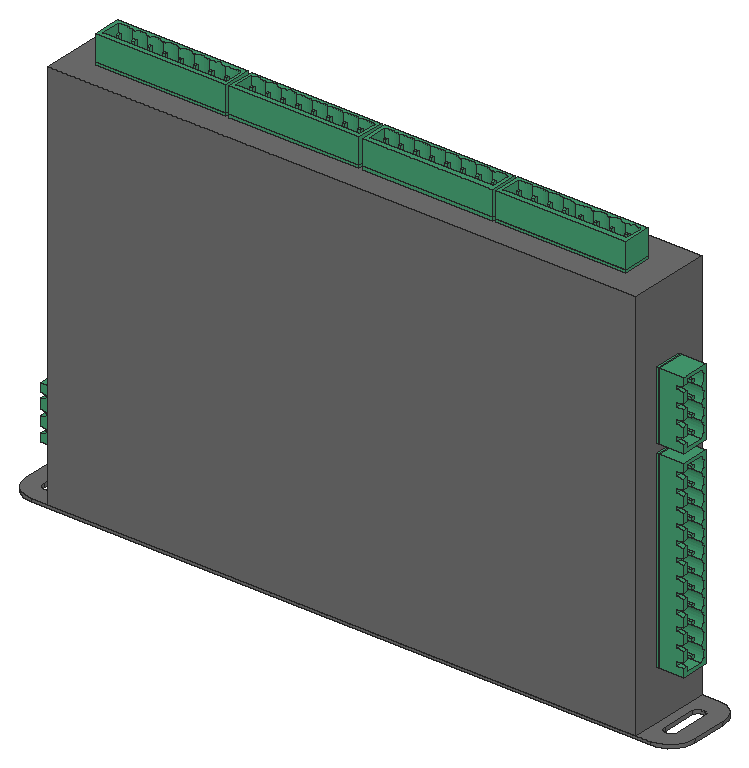
Revit family "Б411_RV17_LOD400 (05.11.23)", category Электрооборудование, Revit 2017
Family settings
  Конфигурация панели = Два столбца, слева направо
  Размер круглого соединителя = Использовать диаметр
  Тип детали = Щит
  На основе рабочей плоскости = Да
  Всегда вертикально = Нет
  При загрузке вырезать с полостями = Нет
  Общий = Нет
  Точка расчета площади = Нет
Parameters (values of type "Б411")
  Стандарт интерфейса связи = "10 Base-T Ethernet (гнездо RJ-45)\r\n10 Base-T Ethernet (гнездо RJ-45)\r\n10 Base-T Ethernet (гнездо RJ-45)\r\n10 Base-T Ethernet (гнездо RJ-45)"
  Смещение_УГО_Y [instance] = 0 mm
  Смещение_УГО_X [instance] = 0 mm
  Раздел проекта [instance] = ""
  Раздел Спецификации [instance] = ""
  Предельное значение сопротивления проводов ШС, кОм = 0.1
  Default Elevation = 1219.2 mm
  Напряжение = "12"
  Максимальный потребляемый контроллером ток от сети постоянного тока (без дополнительных внешних потребителей), А = 0.1 A
  Максимальное удаление считывающих устройств от контролера, не более, м = 100 mm
  Максимальное количество ключей (пропусков) ОПC, шт. = 16
  Максимальное количество извещателей ОС на 1 шлейф сигнализации, не более, шт. = 20
  Количество реле, шт = 4
  Количество подключаемых считывающих устройств, не более, шт. = 2
  Количество подключаемых исполнительных устройств, шт. = 4
  Информационная ёмкость (количество ШС) = 16
  Информативность (количество типов извещений) = 8
  Интерфейс считывателей = "Wiegand 26, Wiegand 40/42, Wiegand 34"
  Интерфейс для подключения внешних устройств = "RS-485"
  Длина кода ключа (пропуска), символов = "1-10"
  Диапазон рабочих температур, °С = "от \r\n-40 до +50"
  В_Смещение_УГО_Y [instance] = Смещение_УГО_Y + 2000 mm  # 2000 mm
  В_Смещение_УГО_X [instance] = Смещение_УГО_X + 2000 mm  # 2000 mm
  d_короба = 20 mm
  ADSK_Размер_Длина = 216 mm
  ADSK_Размер_Глубина = 128 mm
  ADSK_Размер_Высота = 27 mm
  ADSK_Примечание = ""
  ADSK_Наименование = "Контроллер Б411 \r\nТелефон: +7 (8652) 504-504\r\nКонтроллер Б411 \r\nТелефон: +7 (8652) 504-504"
  ADSK_Масса = 0.9
  ADSK_Марка = "СТВФ.426469.102"
  ADSK_Количество = 1
  ADSK_Завод-изготовитель = "ООО «Основа Безопасности»"  # constant formula
  ADSK_Единица измерения = "шт."  # constant formula
  ADSK_URL страницы изделия = "https://stilsoft.ru/products/b411"
  ADSK_URL документации изделия = ""
Reference planes
  plane 1 "По центру (Вперед/Назад)": y = 0
  plane 2: z = 0
  plane 3 "По центру (Влево/Вправо)": x = 0
  plane 4: y = 2000
  plane 5: x = -2000
  plane 6: x = 0
  plane 7: y = 0
  plane 8: x = 108
  plane 9: x = -108
  plane 10 "3": x = 95
  plane 11 "1": x = -95
Forms (mm)
  Extrusion 1, solid, material "корпус", detail levels medium+fine
    sketch origin (0, 13.5, 0) x (0, -1, 0) y (1, 0, 0)
      loop
        line (27, -95) -> (27, 95) -> (0, 95) -> (0, -95) -> (27, -95)
    from 1 to 128
  Extrusion 2, solid, material "корпус", detail levels medium+fine
    sketch origin (0, 13.5, 0) x (0, -1, 0) y (1, 0, 0)
      loop
        line (27, -100.041) -> (27, 100.041)
        arc (27, 100.041) -> (24.669, 105.669) -> (19.041, 108) r 7.959
        line (19.041, 108) -> (7.959, 108)
        arc (7.959, 108) -> (2.331, 105.669) -> (0, 100.041) r 7.959
        line (0, 100.041) -> (0, -100.041)
        arc (0, -100.041) -> (2.331, -105.669) -> (7.959, -108) r 7.959
        line (7.959, -108) -> (19.041, -108)
        arc (19.041, -108) -> (24.669, -105.669) -> (27, -100.041) r 7.959
      loop
        line (8.322, 98.426) -> (19.322, 98.426)
        arc (19.322, 98.426) -> (21.337, 100.44) -> (19.322, 102.455) r 2.015
        line (19.322, 102.455) -> (8.322, 102.455)
        arc (8.322, 102.455) -> (6.307, 100.44) -> (8.322, 98.426) r 2.015
      loop
        arc (8.322, -98.426) -> (6.307, -100.44) -> (8.322, -102.455) r 2.015
        line (8.322, -102.455) -> (19.322, -102.455)
        arc (19.322, -102.455) -> (21.337, -100.44) -> (19.322, -98.426) r 2.015
        line (19.322, -98.426) -> (8.322, -98.426)
    from 1 to 0
  Extrusion 3, solid, detail levels medium+fine
    sketch origin (-95, 13.5, 0) x (0, 0, -1) y (0, -1, 0)
      loop
        line (-35, 7.959) -> (-35, 21.959) -> (-51, 21.959) -> (-51, 7.959) -> (-35, 7.959)
    from 0 to 2.7
  Extrusion 4, solid, detail levels medium+fine
    sketch origin (-95, 13.5, 0) x (0, 0, -1) y (0, -1, 0)
      loop
        line (-54, 7.959) -> (-54, 21.959) -> (-70, 21.959) -> (-70, 7.959) -> (-54, 7.959)
    from 0 to 2.7
  Extrusion 5, void, detail levels medium+fine
    sketch origin (-95, 13.5, 0) x (0, 0, -1) y (0, -1, 0)
      loop
        line (-68.013, 20.208) -> (-68.013, 12.801) -> (-66.037, 12.801) -> (-66.037, 11.399) -> (-64.5, 11.399) -> (-64.5, 8.876) -> (-59.5, 8.876) -> (-59.5, 11.399) -> (-57.963, 11.399) -> (-57.963, 12.801) -> (-55.987, 12.801) -> (-55.987, 20.208) -> (-68.013, 20.208)
    from 2.7 to -7
  Extrusion 6, void, detail levels medium+fine
    sketch origin (-95, 13.5, 0) x (0, 0, -1) y (0, -1, 0)
      loop
        line (-49.013, 20.208) -> (-49.013, 12.801) -> (-47.037, 12.801) -> (-47.037, 11.399) -> (-45.5, 11.399) -> (-45.5, 8.876) -> (-40.5, 8.876) -> (-40.5, 11.399) -> (-38.963, 11.399) -> (-38.963, 12.801) -> (-36.987, 12.801) -> (-36.987, 20.208) -> (-49.013, 20.208)
    from 2.7 to -7
  Extrusion 7, void, detail levels medium+fine
    sketch origin (-95, 17.962, 24.39) x (0, 0, -1) y (0, -1, 0)
      loop
        line (-55.348, 14.248) -> (-55.348, 21.654) -> (-57.324, 21.654) -> (-57.324, 23.057) -> (-58.862, 23.057) -> (-58.862, 25.58) -> (-63.862, 25.58) -> (-63.862, 23.057) -> (-65.399, 23.057) -> (-65.399, 21.654) -> (-67.375, 21.654) -> (-67.375, 14.248) -> (-55.348, 14.248)
    from 0 to -10
  Extrusion 8, void
    sketch origin (-95, 13.5, 0) x (0, 0, -1) y (0, -1, 0)
      loop
        line (-93.751, 21.959) -> (-93.751, 7.959) -> (-77.751, 7.959) -> (-77.751, 21.959) -> (-93.751, 21.959)
    from 0 to -1
  Extrusion 9, solid, detail levels medium+fine
    sketch origin (-95, 13.5, 0) x (0, 0, -1) y (0, -1, 0)
      loop
        circle (-104.123, 15.093) r 8.528
    from 0 to 1
  Blend 10, solid, detail levels medium+fine
    base sketch origin (-95, 13.5, 0) x (0, 0, -1) y (0, -1, 0)
      loop
        circle (-104.062, 15.093) r 8.468
    top sketch origin (-95, 13.5, 0) x (0, 0, -1) y (0, -1, 0)
      loop
        circle (-104.062, 15.093) r 4.476
    from 1 to 2
  Extrusion 11, solid, material "соединения", detail levels medium+fine
    sketch origin (-95, 13.734, 0.309) x (0, 0, -1) y (0, -1, 0)
      loop
        line (-29.234, 9.848) -> (-12.234, 9.848) -> (-12.234, 18.848) -> (-29.234, 18.848) -> (-29.234, 9.848)
    from 0 to 1
  Extrusion 12, solid, material "соединения", detail levels medium+fine
    sketch origin (-95, 13.734, 0.309) x (0, 0, -1) y (0, -1, 0)
      loop
        line (-29.234, 9.848) -> (-12.234, 9.848) -> (-12.234, 11.801) -> (-12.234, 18.848) -> (-29.234, 18.848) -> (-29.234, 9.848)
      loop
        line (-13.248, 11.367) -> (-13.248, 17.258) -> (-27.64, 17.258) -> (-27.64, 11.073)
        arc (-27.64, 11.073) -> (-25.336, 10.581) -> (-23.081, 11.267) r 4.715
        arc (-23.081, 11.267) -> (-20.633, 10.632) -> (-18.204, 11.339) r 4.77
        arc (-18.204, 11.339) -> (-15.722, 10.661) -> (-13.248, 11.367) r 4.778
    from 1 to 9
  Blend 13, void
    base sketch origin (-95, 13.734, 5.309) x (0, 0, -1) y (0, -1, 0)
      loop
        line (-16.72, 18.848) -> (-16.72, 17.258) -> (-14.723, 17.258) -> (-14.723, 18.848) -> (-16.72, 18.848)
    top sketch origin (-95, 13.734, 5.309) x (0, 0, -1) y (0, -1, 0)
      loop
        line (-16.213, 18.848) -> (-16.213, 17.258) -> (-15.166, 17.258) -> (-15.166, 18.848) -> (-16.213, 18.848)
    from 9 to 7
  Blend 14, void
    base sketch origin (-95, 13.734, 10.309) x (0, 0, -1) y (0, -1, 0)
      loop
        line (-16.72, 18.848) -> (-16.72, 17.258) -> (-14.723, 17.258) -> (-14.723, 18.848) -> (-16.72, 18.848)
    top sketch origin (-95, 13.734, 10.309) x (0, 0, -1) y (0, -1, 0)
      loop
        line (-16.213, 18.848) -> (-16.213, 17.258) -> (-15.166, 17.258) -> (-15.166, 18.848) -> (-16.213, 18.848)
    from 9 to 7
  Blend 15, void
    base sketch origin (-95, 13.734, 0.309) x (0, 0, -1) y (0, -1, 0)
      loop
        line (-16.72, 18.848) -> (-16.72, 17.258) -> (-14.723, 17.258) -> (-14.723, 18.848) -> (-16.72, 18.848)
    top sketch origin (-95, 13.734, 0.309) x (0, 0, -1) y (0, -1, 0)
      loop
        line (-16.213, 18.848) -> (-16.213, 17.258) -> (-15.166, 17.258) -> (-15.166, 18.848) -> (-16.213, 18.848)
    from 9 to 7
  Blend 16, solid, material "соединения", detail levels medium+fine
    base sketch origin (-95, 13.734, 0.309) x (0, 0, -1) y (0, -1, 0)
      loop
        circle (-25.763, 13.973) r 1.379
    top sketch origin (-95, 13.734, 0.309) x (0, 0, -1) y (0, -1, 0)
      loop
        circle (-25.763, 13.973) r 0.948
    from 1 to 3
  Blend 17, solid, material "соединения", detail levels medium+fine
    base sketch origin (-95, 13.734, -4.691) x (0, 0, -1) y (0, -1, 0)
      loop
        circle (-25.763, 13.973) r 1.379
    top sketch origin (-95, 13.734, -4.691) x (0, 0, -1) y (0, -1, 0)
      loop
        circle (-25.763, 13.973) r 0.948
    from 1 to 3
  Blend 18, solid, material "соединения", detail levels medium+fine
    base sketch origin (-95, 13.734, -9.691) x (0, 0, -1) y (0, -1, 0)
      loop
        circle (-25.763, 13.973) r 1.379
    top sketch origin (-95, 13.734, -9.691) x (0, 0, -1) y (0, -1, 0)
      loop
        circle (-25.763, 13.973) r 0.948
    from 1 to 3
  Blend 19, solid, material "соединения", detail levels medium+fine
    base sketch origin (-95, 13.734, 0.309) x (0, 0, -1) y (0, -1, 0)
      loop
        line (-26.215, 14.422) -> (-26.215, 13.499) -> (-25.289, 13.499) -> (-25.289, 14.422) -> (-26.215, 14.422)
    top sketch origin (-95, 13.734, 0.309) x (0, 0, -1) y (0, -1, 0)
      loop
        line (-26.145, 14.337) -> (-26.145, 13.551) -> (-25.343, 13.551) -> (-25.343, 14.337) -> (-26.145, 14.337)
    from 3 to 8
  Blend 20, solid, material "соединения", detail levels medium+fine
    base sketch origin (-95, 13.734, -4.691) x (0, 0, -1) y (0, -1, 0)
      loop
        line (-26.215, 14.422) -> (-26.215, 13.499) -> (-25.289, 13.499) -> (-25.289, 14.422) -> (-26.215, 14.422)
    top sketch origin (-95, 13.734, -4.691) x (0, 0, -1) y (0, -1, 0)
      loop
        line (-26.145, 14.337) -> (-26.145, 13.551) -> (-25.343, 13.551) -> (-25.343, 14.337) -> (-26.145, 14.337)
    from 3 to 8
  Blend 21, solid, material "соединения", detail levels medium+fine
    base sketch origin (-95, 13.734, -9.691) x (0, 0, -1) y (0, -1, 0)
      loop
        line (-26.215, 14.422) -> (-26.215, 13.499) -> (-25.289, 13.499) -> (-25.289, 14.422) -> (-26.215, 14.422)
    top sketch origin (-95, 13.734, -9.691) x (0, 0, -1) y (0, -1, 0)
      loop
        line (-26.145, 14.337) -> (-26.145, 13.551) -> (-25.343, 13.551) -> (-25.343, 14.337) -> (-26.145, 14.337)
    from 3 to 8
  Extrusion 22, solid, material "соединения", detail levels medium+fine
    sketch origin (-2.578, 13.5, 128) x (-1, 0, 0) y (0, -1, 0)
      loop
        line (41.333, 9.881) -> (83.333, 9.881) -> (83.333, 18.881) -> (41.333, 18.881) -> (41.333, 9.881)
    from 0 to 1
  Extrusion 23, solid, material "соединения", detail levels medium+fine
    sketch origin (-2.578, 13.5, 128) x (-1, 0, 0) y (0, -1, 0)
      loop
        line (41.333, 9.881) -> (83.333, 9.881) -> (83.333, 11.835) -> (83.333, 18.881) -> (41.333, 18.881) -> (41.333, 9.881)
      loop
        line (82.303, 11.428) -> (82.303, 17.292) -> (42.303, 17.292) -> (42.303, 11.428)
        arc (42.303, 11.428) -> (44.803, 10.722) -> (47.303, 11.428) r 4.778
        arc (47.303, 11.428) -> (49.803, 10.722) -> (52.303, 11.428) r 4.778
        arc (52.303, 11.428) -> (54.803, 10.722) -> (57.303, 11.428) r 4.778
        arc (57.303, 11.428) -> (59.803, 10.722) -> (62.303, 11.428) r 4.778
        arc (62.303, 11.428) -> (64.803, 10.722) -> (67.303, 11.428) r 4.778
        arc (67.303, 11.428) -> (69.803, 10.722) -> (72.303, 11.428) r 4.778
        arc (72.303, 11.428) -> (74.803, 10.722) -> (77.303, 11.428) r 4.778
        arc (77.303, 11.428) -> (79.803, 10.722) -> (82.303, 11.428) r 4.778
    from 1 to 9
  Blend 24, solid, material "соединения", detail levels medium+fine
    base sketch origin (-2.578, 13.5, 128) x (-1, 0, 0) y (0, -1, 0)
      loop
        circle (69.803, 14.007) r 1.379
    top sketch origin (-2.578, 13.5, 128) x (-1, 0, 0) y (0, -1, 0)
      loop
        circle (69.803, 14.007) r 0.948
    from 1 to 3
  Blend 25, solid, material "соединения", detail levels medium+fine
    base sketch origin (-2.578, 13.5, 128) x (-1, 0, 0) y (0, -1, 0)
      loop
        circle (74.803, 14.007) r 1.379
    top sketch origin (-2.578, 13.5, 128) x (-1, 0, 0) y (0, -1, 0)
      loop
        circle (74.803, 14.007) r 0.948
    from 1 to 3
  Blend 26, solid, material "соединения", detail levels medium+fine
    base sketch origin (-2.578, 13.5, 128) x (-1, 0, 0) y (0, -1, 0)
      loop
        circle (79.803, 14.007) r 1.379
    top sketch origin (-2.578, 13.5, 128) x (-1, 0, 0) y (0, -1, 0)
      loop
        circle (79.803, 14.007) r 0.948
    from 1 to 3
  Blend 27, solid, material "соединения", detail levels medium+fine
    base sketch origin (-2.578, 13.5, 128) x (-1, 0, 0) y (0, -1, 0)
      loop
        line (69.351, 14.455) -> (69.351, 13.533) -> (70.277, 13.533) -> (70.277, 14.455) -> (69.351, 14.455)
    top sketch origin (-2.578, 13.5, 128) x (-1, 0, 0) y (0, -1, 0)
      loop
        line (69.422, 14.371) -> (69.422, 13.585) -> (70.224, 13.585) -> (70.224, 14.371) -> (69.422, 14.371)
    from 3 to 8
  Blend 28, solid, material "соединения", detail levels medium+fine
    base sketch origin (-2.578, 13.5, 128) x (-1, 0, 0) y (0, -1, 0)
      loop
        line (74.351, 14.455) -> (74.351, 13.533) -> (75.277, 13.533) -> (75.277, 14.455) -> (74.351, 14.455)
    top sketch origin (-2.578, 13.5, 128) x (-1, 0, 0) y (0, -1, 0)
      loop
        line (74.422, 14.371) -> (74.422, 13.585) -> (75.224, 13.585) -> (75.224, 14.371) -> (74.422, 14.371)
    from 3 to 8
  Blend 29, solid, material "соединения", detail levels medium+fine
    base sketch origin (-2.578, 13.5, 128) x (-1, 0, 0) y (0, -1, 0)
      loop
        line (79.351, 14.455) -> (79.351, 13.533) -> (80.277, 13.533) -> (80.277, 14.455) -> (79.351, 14.455)
    top sketch origin (-2.578, 13.5, 128) x (-1, 0, 0) y (0, -1, 0)
      loop
        line (79.422, 14.371) -> (79.422, 13.585) -> (80.224, 13.585) -> (80.224, 14.371) -> (79.422, 14.371)
    from 3 to 8
  Blend 30, solid, material "соединения", detail levels medium+fine
    base sketch origin (2.422, 13.5, 128) x (-1, 0, 0) y (0, -1, 0)
      loop
        circle (69.803, 14.007) r 1.379
    top sketch origin (2.422, 13.5, 128) x (-1, 0, 0) y (0, -1, 0)
      loop
        circle (69.803, 14.007) r 0.948
    from 1 to 3
  Blend 31, solid, material "соединения", detail levels medium+fine
    base sketch origin (2.422, 13.5, 128) x (-1, 0, 0) y (0, -1, 0)
      loop
        line (69.351, 14.455) -> (69.351, 13.533) -> (70.277, 13.533) -> (70.277, 14.455) -> (69.351, 14.455)
    top sketch origin (2.422, 13.5, 128) x (-1, 0, 0) y (0, -1, 0)
      loop
        line (69.422, 14.371) -> (69.422, 13.585) -> (70.224, 13.585) -> (70.224, 14.371) -> (69.422, 14.371)
    from 3 to 8
  Blend 32, solid, material "соединения", detail levels medium+fine
    base sketch origin (17.422, 13.5, 128) x (-1, 0, 0) y (0, -1, 0)
      loop
        circle (69.803, 14.007) r 1.379
    top sketch origin (17.422, 13.5, 128) x (-1, 0, 0) y (0, -1, 0)
      loop
        circle (69.803, 14.007) r 0.948
    from 1 to 3
  Blend 33, solid, material "соединения", detail levels medium+fine
    base sketch origin (17.422, 13.5, 128) x (-1, 0, 0) y (0, -1, 0)
      loop
        circle (74.803, 14.007) r 1.379
    top sketch origin (17.422, 13.5, 128) x (-1, 0, 0) y (0, -1, 0)
      loop
        circle (74.803, 14.007) r 0.948
    from 1 to 3
  Blend 34, solid, material "соединения", detail levels medium+fine
    base sketch origin (17.422, 13.5, 128) x (-1, 0, 0) y (0, -1, 0)
      loop
        circle (79.803, 14.007) r 1.379
    top sketch origin (17.422, 13.5, 128) x (-1, 0, 0) y (0, -1, 0)
      loop
        circle (79.803, 14.007) r 0.948
    from 1 to 3
  Blend 35, solid, material "соединения", detail levels medium+fine
    base sketch origin (17.422, 13.5, 128) x (-1, 0, 0) y (0, -1, 0)
      loop
        line (69.351, 14.455) -> (69.351, 13.533) -> (70.277, 13.533) -> (70.277, 14.455) -> (69.351, 14.455)
    top sketch origin (17.422, 13.5, 128) x (-1, 0, 0) y (0, -1, 0)
      loop
        line (69.422, 14.371) -> (69.422, 13.585) -> (70.224, 13.585) -> (70.224, 14.371) -> (69.422, 14.371)
    from 3 to 8
  Blend 36, solid, material "соединения", detail levels medium+fine
    base sketch origin (17.422, 13.5, 128) x (-1, 0, 0) y (0, -1, 0)
      loop
        line (74.351, 14.455) -> (74.351, 13.533) -> (75.277, 13.533) -> (75.277, 14.455) -> (74.351, 14.455)
    top sketch origin (17.422, 13.5, 128) x (-1, 0, 0) y (0, -1, 0)
      loop
        line (74.422, 14.371) -> (74.422, 13.585) -> (75.224, 13.585) -> (75.224, 14.371) -> (74.422, 14.371)
    from 3 to 8
  Blend 37, solid, material "соединения", detail levels medium+fine
    base sketch origin (17.422, 13.5, 128) x (-1, 0, 0) y (0, -1, 0)
      loop
        line (79.351, 14.455) -> (79.351, 13.533) -> (80.277, 13.533) -> (80.277, 14.455) -> (79.351, 14.455)
    top sketch origin (17.422, 13.5, 128) x (-1, 0, 0) y (0, -1, 0)
      loop
        line (79.422, 14.371) -> (79.422, 13.585) -> (80.224, 13.585) -> (80.224, 14.371) -> (79.422, 14.371)
    from 3 to 8
  Blend 38, solid, material "соединения", detail levels medium+fine
    base sketch origin (22.422, 13.5, 128) x (-1, 0, 0) y (0, -1, 0)
      loop
        circle (69.803, 14.007) r 1.379
    top sketch origin (22.422, 13.5, 128) x (-1, 0, 0) y (0, -1, 0)
      loop
        circle (69.803, 14.007) r 0.948
    from 1 to 3
  Blend 39, solid, material "соединения", detail levels medium+fine
    base sketch origin (22.422, 13.5, 128) x (-1, 0, 0) y (0, -1, 0)
      loop
        line (69.351, 14.455) -> (69.351, 13.533) -> (70.277, 13.533) -> (70.277, 14.455) -> (69.351, 14.455)
    top sketch origin (22.422, 13.5, 128) x (-1, 0, 0) y (0, -1, 0)
      loop
        line (69.422, 14.371) -> (69.422, 13.585) -> (70.224, 13.585) -> (70.224, 14.371) -> (69.422, 14.371)
    from 3 to 8
  Extrusion 40, solid, material "соединения", detail levels medium+fine
    sketch origin (40.547, 13.5, 128) x (-1, 0, 0) y (0, -1, 0)
      loop
        line (41.333, 9.881) -> (83.333, 9.881) -> (83.333, 18.881) -> (41.333, 18.881) -> (41.333, 9.881)
    from 0 to 1
  Extrusion 41, solid, material "соединения", detail levels medium+fine
    sketch origin (40.547, 13.5, 128) x (-1, 0, 0) y (0, -1, 0)
      loop
        line (41.333, 9.881) -> (83.333, 9.881) -> (83.333, 11.835) -> (83.333, 18.881) -> (41.333, 18.881) -> (41.333, 9.881)
      loop
        line (82.303, 11.428) -> (82.303, 17.292) -> (42.303, 17.292) -> (42.303, 11.428)
        arc (42.303, 11.428) -> (44.803, 10.722) -> (47.303, 11.428) r 4.778
        arc (47.303, 11.428) -> (49.803, 10.722) -> (52.303, 11.428) r 4.778
        arc (52.303, 11.428) -> (54.803, 10.722) -> (57.303, 11.428) r 4.778
        arc (57.303, 11.428) -> (59.803, 10.722) -> (62.303, 11.428) r 4.778
        arc (62.303, 11.428) -> (64.803, 10.722) -> (67.303, 11.428) r 4.778
        arc (67.303, 11.428) -> (69.803, 10.722) -> (72.303, 11.428) r 4.778
        arc (72.303, 11.428) -> (74.803, 10.722) -> (77.303, 11.428) r 4.778
        arc (77.303, 11.428) -> (79.803, 10.722) -> (82.303, 11.428) r 4.778
    from 1 to 9
  Blend 42, solid, material "соединения", detail levels medium+fine
    base sketch origin (40.547, 13.5, 128) x (-1, 0, 0) y (0, -1, 0)
      loop
        circle (69.803, 14.007) r 1.379
    top sketch origin (40.547, 13.5, 128) x (-1, 0, 0) y (0, -1, 0)
      loop
        circle (69.803, 14.007) r 0.948
    from 1 to 3
  Blend 43, solid, material "соединения", detail levels medium+fine
    base sketch origin (40.547, 13.5, 128) x (-1, 0, 0) y (0, -1, 0)
      loop
        circle (74.803, 14.007) r 1.379
    top sketch origin (40.547, 13.5, 128) x (-1, 0, 0) y (0, -1, 0)
      loop
        circle (74.803, 14.007) r 0.948
    from 1 to 3
  Blend 44, solid, material "соединения", detail levels medium+fine
    base sketch origin (40.547, 13.5, 128) x (-1, 0, 0) y (0, -1, 0)
      loop
        circle (79.803, 14.007) r 1.379
    top sketch origin (40.547, 13.5, 128) x (-1, 0, 0) y (0, -1, 0)
      loop
        circle (79.803, 14.007) r 0.948
    from 1 to 3
  Blend 45, solid, material "соединения", detail levels medium+fine
    base sketch origin (40.547, 13.5, 128) x (-1, 0, 0) y (0, -1, 0)
      loop
        line (69.351, 14.455) -> (69.351, 13.533) -> (70.277, 13.533) -> (70.277, 14.455) -> (69.351, 14.455)
    top sketch origin (40.547, 13.5, 128) x (-1, 0, 0) y (0, -1, 0)
      loop
        line (69.422, 14.371) -> (69.422, 13.585) -> (70.224, 13.585) -> (70.224, 14.371) -> (69.422, 14.371)
    from 3 to 8
  Blend 46, solid, material "соединения", detail levels medium+fine
    base sketch origin (40.547, 13.5, 128) x (-1, 0, 0) y (0, -1, 0)
      loop
        line (74.351, 14.455) -> (74.351, 13.533) -> (75.277, 13.533) -> (75.277, 14.455) -> (74.351, 14.455)
    top sketch origin (40.547, 13.5, 128) x (-1, 0, 0) y (0, -1, 0)
      loop
        line (74.422, 14.371) -> (74.422, 13.585) -> (75.224, 13.585) -> (75.224, 14.371) -> (74.422, 14.371)
    from 3 to 8
  Blend 47, solid, material "соединения", detail levels medium+fine
    base sketch origin (40.547, 13.5, 128) x (-1, 0, 0) y (0, -1, 0)
      loop
        line (79.351, 14.455) -> (79.351, 13.533) -> (80.277, 13.533) -> (80.277, 14.455) -> (79.351, 14.455)
    top sketch origin (40.547, 13.5, 128) x (-1, 0, 0) y (0, -1, 0)
      loop
        line (79.422, 14.371) -> (79.422, 13.585) -> (80.224, 13.585) -> (80.224, 14.371) -> (79.422, 14.371)
    from 3 to 8
  Blend 48, solid, material "соединения", detail levels medium+fine
    base sketch origin (45.547, 13.5, 128) x (-1, 0, 0) y (0, -1, 0)
      loop
        circle (69.803, 14.007) r 1.379
    top sketch origin (45.547, 13.5, 128) x (-1, 0, 0) y (0, -1, 0)
      loop
        circle (69.803, 14.007) r 0.948
    from 1 to 3
  Blend 49, solid, material "соединения", detail levels medium+fine
    base sketch origin (45.547, 13.5, 128) x (-1, 0, 0) y (0, -1, 0)
      loop
        line (69.351, 14.455) -> (69.351, 13.533) -> (70.277, 13.533) -> (70.277, 14.455) -> (69.351, 14.455)
    top sketch origin (45.547, 13.5, 128) x (-1, 0, 0) y (0, -1, 0)
      loop
        line (69.422, 14.371) -> (69.422, 13.585) -> (70.224, 13.585) -> (70.224, 14.371) -> (69.422, 14.371)
    from 3 to 8
  Blend 50, solid, material "соединения", detail levels medium+fine
    base sketch origin (60.547, 13.5, 128) x (-1, 0, 0) y (0, -1, 0)
      loop
        circle (69.803, 14.007) r 1.379
    top sketch origin (60.547, 13.5, 128) x (-1, 0, 0) y (0, -1, 0)
      loop
        circle (69.803, 14.007) r 0.948
    from 1 to 3
  Blend 51, solid, material "соединения", detail levels medium+fine
    base sketch origin (60.547, 13.5, 128) x (-1, 0, 0) y (0, -1, 0)
      loop
        circle (74.803, 14.007) r 1.379
    top sketch origin (60.547, 13.5, 128) x (-1, 0, 0) y (0, -1, 0)
      loop
        circle (74.803, 14.007) r 0.948
    from 1 to 3
  Blend 52, solid, material "соединения", detail levels medium+fine
    base sketch origin (60.547, 13.5, 128) x (-1, 0, 0) y (0, -1, 0)
      loop
        circle (79.803, 14.007) r 1.379
    top sketch origin (60.547, 13.5, 128) x (-1, 0, 0) y (0, -1, 0)
      loop
        circle (79.803, 14.007) r 0.948
    from 1 to 3
  Blend 53, solid, material "соединения", detail levels medium+fine
    base sketch origin (60.547, 13.5, 128) x (-1, 0, 0) y (0, -1, 0)
      loop
        line (69.351, 14.455) -> (69.351, 13.533) -> (70.277, 13.533) -> (70.277, 14.455) -> (69.351, 14.455)
    top sketch origin (60.547, 13.5, 128) x (-1, 0, 0) y (0, -1, 0)
      loop
        line (69.422, 14.371) -> (69.422, 13.585) -> (70.224, 13.585) -> (70.224, 14.371) -> (69.422, 14.371)
    from 3 to 8
  Blend 54, solid, material "соединения", detail levels medium+fine
    base sketch origin (60.547, 13.5, 128) x (-1, 0, 0) y (0, -1, 0)
      loop
        line (74.351, 14.455) -> (74.351, 13.533) -> (75.277, 13.533) -> (75.277, 14.455) -> (74.351, 14.455)
    top sketch origin (60.547, 13.5, 128) x (-1, 0, 0) y (0, -1, 0)
      loop
        line (74.422, 14.371) -> (74.422, 13.585) -> (75.224, 13.585) -> (75.224, 14.371) -> (74.422, 14.371)
    from 3 to 8
  Blend 55, solid, material "соединения", detail levels medium+fine
    base sketch origin (60.547, 13.5, 128) x (-1, 0, 0) y (0, -1, 0)
      loop
        line (79.351, 14.455) -> (79.351, 13.533) -> (80.277, 13.533) -> (80.277, 14.455) -> (79.351, 14.455)
    top sketch origin (60.547, 13.5, 128) x (-1, 0, 0) y (0, -1, 0)
      loop
        line (79.422, 14.371) -> (79.422, 13.585) -> (80.224, 13.585) -> (80.224, 14.371) -> (79.422, 14.371)
    from 3 to 8
  Blend 56, solid, material "соединения", detail levels medium+fine
    base sketch origin (65.547, 13.5, 128) x (-1, 0, 0) y (0, -1, 0)
      loop
        circle (69.803, 14.007) r 1.379
    top sketch origin (65.547, 13.5, 128) x (-1, 0, 0) y (0, -1, 0)
      loop
        circle (69.803, 14.007) r 0.948
    from 1 to 3
  Blend 57, solid, material "соединения", detail levels medium+fine
    base sketch origin (65.547, 13.5, 128) x (-1, 0, 0) y (0, -1, 0)
      loop
        line (69.351, 14.455) -> (69.351, 13.533) -> (70.277, 13.533) -> (70.277, 14.455) -> (69.351, 14.455)
    top sketch origin (65.547, 13.5, 128) x (-1, 0, 0) y (0, -1, 0)
      loop
        line (69.422, 14.371) -> (69.422, 13.585) -> (70.224, 13.585) -> (70.224, 14.371) -> (69.422, 14.371)
    from 3 to 8
  Extrusion 58, solid, material "соединения", detail levels medium+fine
    sketch origin (83.672, 13.5, 128) x (-1, 0, 0) y (0, -1, 0)
      loop
        line (41.333, 9.881) -> (83.333, 9.881) -> (83.333, 18.881) -> (41.333, 18.881) -> (41.333, 9.881)
    from 0 to 1
  Extrusion 59, solid, material "соединения", detail levels medium+fine
    sketch origin (83.672, 13.5, 128) x (-1, 0, 0) y (0, -1, 0)
      loop
        line (41.333, 9.881) -> (83.333, 9.881) -> (83.333, 11.835) -> (83.333, 18.881) -> (41.333, 18.881) -> (41.333, 9.881)
      loop
        line (82.303, 11.428) -> (82.303, 17.292) -> (42.303, 17.292) -> (42.303, 11.428)
        arc (42.303, 11.428) -> (44.803, 10.722) -> (47.303, 11.428) r 4.778
        arc (47.303, 11.428) -> (49.803, 10.722) -> (52.303, 11.428) r 4.778
        arc (52.303, 11.428) -> (54.803, 10.722) -> (57.303, 11.428) r 4.778
        arc (57.303, 11.428) -> (59.803, 10.722) -> (62.303, 11.428) r 4.778
        arc (62.303, 11.428) -> (64.803, 10.722) -> (67.303, 11.428) r 4.778
        arc (67.303, 11.428) -> (69.803, 10.722) -> (72.303, 11.428) r 4.778
        arc (72.303, 11.428) -> (74.803, 10.722) -> (77.303, 11.428) r 4.778
        arc (77.303, 11.428) -> (79.803, 10.722) -> (82.303, 11.428) r 4.778
    from 1 to 9
  Blend 60, solid, material "соединения", detail levels medium+fine
    base sketch origin (83.672, 13.5, 128) x (-1, 0, 0) y (0, -1, 0)
      loop
        circle (69.803, 14.007) r 1.379
    top sketch origin (83.672, 13.5, 128) x (-1, 0, 0) y (0, -1, 0)
      loop
        circle (69.803, 14.007) r 0.948
    from 1 to 3
  Blend 61, solid, material "соединения", detail levels medium+fine
    base sketch origin (83.672, 13.5, 128) x (-1, 0, 0) y (0, -1, 0)
      loop
        circle (74.803, 14.007) r 1.379
    top sketch origin (83.672, 13.5, 128) x (-1, 0, 0) y (0, -1, 0)
      loop
        circle (74.803, 14.007) r 0.948
    from 1 to 3
  Blend 62, solid, material "соединения", detail levels medium+fine
    base sketch origin (83.672, 13.5, 128) x (-1, 0, 0) y (0, -1, 0)
      loop
        circle (79.803, 14.007) r 1.379
    top sketch origin (83.672, 13.5, 128) x (-1, 0, 0) y (0, -1, 0)
      loop
        circle (79.803, 14.007) r 0.948
    from 1 to 3
  Blend 63, solid, material "соединения", detail levels medium+fine
    base sketch origin (83.672, 13.5, 128) x (-1, 0, 0) y (0, -1, 0)
      loop
        line (69.351, 14.455) -> (69.351, 13.533) -> (70.277, 13.533) -> (70.277, 14.455) -> (69.351, 14.455)
    top sketch origin (83.672, 13.5, 128) x (-1, 0, 0) y (0, -1, 0)
      loop
        line (69.422, 14.371) -> (69.422, 13.585) -> (70.224, 13.585) -> (70.224, 14.371) -> (69.422, 14.371)
    from 3 to 8
  Blend 64, solid, material "соединения", detail levels medium+fine
    base sketch origin (83.672, 13.5, 128) x (-1, 0, 0) y (0, -1, 0)
      loop
        line (74.351, 14.455) -> (74.351, 13.533) -> (75.277, 13.533) -> (75.277, 14.455) -> (74.351, 14.455)
    top sketch origin (83.672, 13.5, 128) x (-1, 0, 0) y (0, -1, 0)
      loop
        line (74.422, 14.371) -> (74.422, 13.585) -> (75.224, 13.585) -> (75.224, 14.371) -> (74.422, 14.371)
    from 3 to 8
  Blend 65, solid, material "соединения", detail levels medium+fine
    base sketch origin (83.672, 13.5, 128) x (-1, 0, 0) y (0, -1, 0)
      loop
        line (79.351, 14.455) -> (79.351, 13.533) -> (80.277, 13.533) -> (80.277, 14.455) -> (79.351, 14.455)
    top sketch origin (83.672, 13.5, 128) x (-1, 0, 0) y (0, -1, 0)
      loop
        line (79.422, 14.371) -> (79.422, 13.585) -> (80.224, 13.585) -> (80.224, 14.371) -> (79.422, 14.371)
    from 3 to 8
  Blend 66, solid, material "соединения", detail levels medium+fine
    base sketch origin (88.672, 13.5, 128) x (-1, 0, 0) y (0, -1, 0)
      loop
        circle (69.803, 14.007) r 1.379
    top sketch origin (88.672, 13.5, 128) x (-1, 0, 0) y (0, -1, 0)
      loop
        circle (69.803, 14.007) r 0.948
    from 1 to 3
  Blend 67, solid, material "соединения", detail levels medium+fine
    base sketch origin (88.672, 13.5, 128) x (-1, 0, 0) y (0, -1, 0)
      loop
        line (69.351, 14.455) -> (69.351, 13.533) -> (70.277, 13.533) -> (70.277, 14.455) -> (69.351, 14.455)
    top sketch origin (88.672, 13.5, 128) x (-1, 0, 0) y (0, -1, 0)
      loop
        line (69.422, 14.371) -> (69.422, 13.585) -> (70.224, 13.585) -> (70.224, 14.371) -> (69.422, 14.371)
    from 3 to 8
  Blend 68, solid, material "соединения", detail levels medium+fine
    base sketch origin (103.672, 13.5, 128) x (-1, 0, 0) y (0, -1, 0)
      loop
        circle (69.803, 14.007) r 1.379
    top sketch origin (103.672, 13.5, 128) x (-1, 0, 0) y (0, -1, 0)
      loop
        circle (69.803, 14.007) r 0.948
    from 1 to 3
  Blend 69, solid, material "соединения", detail levels medium+fine
    base sketch origin (103.672, 13.5, 128) x (-1, 0, 0) y (0, -1, 0)
      loop
        circle (74.803, 14.007) r 1.379
    top sketch origin (103.672, 13.5, 128) x (-1, 0, 0) y (0, -1, 0)
      loop
        circle (74.803, 14.007) r 0.948
    from 1 to 3
  Blend 70, solid, material "соединения", detail levels medium+fine
    base sketch origin (103.672, 13.5, 128) x (-1, 0, 0) y (0, -1, 0)
      loop
        circle (79.803, 14.007) r 1.379
    top sketch origin (103.672, 13.5, 128) x (-1, 0, 0) y (0, -1, 0)
      loop
        circle (79.803, 14.007) r 0.948
    from 1 to 3
  Blend 71, solid, material "соединения", detail levels medium+fine
    base sketch origin (103.672, 13.5, 128) x (-1, 0, 0) y (0, -1, 0)
      loop
        line (69.351, 14.455) -> (69.351, 13.533) -> (70.277, 13.533) -> (70.277, 14.455) -> (69.351, 14.455)
    top sketch origin (103.672, 13.5, 128) x (-1, 0, 0) y (0, -1, 0)
      loop
        line (69.422, 14.371) -> (69.422, 13.585) -> (70.224, 13.585) -> (70.224, 14.371) -> (69.422, 14.371)
    from 3 to 8
  Blend 72, solid, material "соединения", detail levels medium+fine
    base sketch origin (103.672, 13.5, 128) x (-1, 0, 0) y (0, -1, 0)
      loop
        line (74.351, 14.455) -> (74.351, 13.533) -> (75.277, 13.533) -> (75.277, 14.455) -> (74.351, 14.455)
    top sketch origin (103.672, 13.5, 128) x (-1, 0, 0) y (0, -1, 0)
      loop
        line (74.422, 14.371) -> (74.422, 13.585) -> (75.224, 13.585) -> (75.224, 14.371) -> (74.422, 14.371)
    from 3 to 8
  Blend 73, solid, material "соединения", detail levels medium+fine
    base sketch origin (103.672, 13.5, 128) x (-1, 0, 0) y (0, -1, 0)
      loop
        line (79.351, 14.455) -> (79.351, 13.533) -> (80.277, 13.533) -> (80.277, 14.455) -> (79.351, 14.455)
    top sketch origin (103.672, 13.5, 128) x (-1, 0, 0) y (0, -1, 0)
      loop
        line (79.422, 14.371) -> (79.422, 13.585) -> (80.224, 13.585) -> (80.224, 14.371) -> (79.422, 14.371)
    from 3 to 8
  Blend 74, solid, material "соединения", detail levels medium+fine
    base sketch origin (108.672, 13.5, 128) x (-1, 0, 0) y (0, -1, 0)
      loop
        circle (69.803, 14.007) r 1.379
    top sketch origin (108.672, 13.5, 128) x (-1, 0, 0) y (0, -1, 0)
      loop
        circle (69.803, 14.007) r 0.948
    from 1 to 3
  Blend 75, solid, material "соединения", detail levels medium+fine
    base sketch origin (108.672, 13.5, 128) x (-1, 0, 0) y (0, -1, 0)
      loop
        line (69.351, 14.455) -> (69.351, 13.533) -> (70.277, 13.533) -> (70.277, 14.455) -> (69.351, 14.455)
    top sketch origin (108.672, 13.5, 128) x (-1, 0, 0) y (0, -1, 0)
      loop
        line (69.422, 14.371) -> (69.422, 13.585) -> (70.224, 13.585) -> (70.224, 14.371) -> (69.422, 14.371)
    from 3 to 8
  Extrusion 76, solid, material "соединения", detail levels medium+fine
    sketch origin (126.796, 13.5, 128) x (-1, 0, 0) y (0, -1, 0)
      loop
        line (41.333, 9.881) -> (83.333, 9.881) -> (83.333, 18.881) -> (41.333, 18.881) -> (41.333, 9.881)
    from 0 to 1
  Extrusion 77, solid, material "соединения", detail levels medium+fine
    sketch origin (126.796, 13.5, 128) x (-1, 0, 0) y (0, -1, 0)
      loop
        line (41.333, 9.881) -> (83.333, 9.881) -> (83.333, 11.835) -> (83.333, 18.881) -> (41.333, 18.881) -> (41.333, 9.881)
      loop
        line (82.313, 11.41) -> (82.313, 17.292) -> (42.317, 17.292) -> (42.317, 11.46)
        arc (42.317, 11.46) -> (44.837, 10.757) -> (47.348, 11.488) r 4.771
        arc (47.348, 11.488) -> (49.888, 10.791) -> (52.409, 11.549) r 4.765
        arc (52.409, 11.549) -> (55.014, 10.856) -> (57.578, 11.687) r 4.767
        arc (57.578, 11.687) -> (60.406, 10.993) -> (63.116, 12.057) r 4.811
        arc (63.116, 12.057) -> (65.296, 11.039) -> (67.695, 11.212) r 4.778
        arc (67.695, 11.212) -> (70.075, 10.647) -> (72.42, 11.342) r 4.741
        arc (72.42, 11.342) -> (74.888, 10.683) -> (77.342, 11.391) r 4.774
        arc (77.342, 11.391) -> (79.83, 10.703) -> (82.313, 11.41) r 4.778
    from 1 to 9
  Blend 78, solid, material "соединения", detail levels medium+fine
    base sketch origin (126.796, 13.5, 128) x (-1, 0, 0) y (0, -1, 0)
      loop
        circle (69.803, 14.007) r 1.379
    top sketch origin (126.796, 13.5, 128) x (-1, 0, 0) y (0, -1, 0)
      loop
        circle (69.803, 14.007) r 0.948
    from 1 to 3
  Blend 79, solid, material "соединения", detail levels medium+fine
    base sketch origin (126.796, 13.5, 128) x (-1, 0, 0) y (0, -1, 0)
      loop
        circle (74.803, 14.007) r 1.379
    top sketch origin (126.796, 13.5, 128) x (-1, 0, 0) y (0, -1, 0)
      loop
        circle (74.803, 14.007) r 0.948
    from 1 to 3
  Blend 80, solid, material "соединения", detail levels medium+fine
    base sketch origin (126.796, 13.5, 128) x (-1, 0, 0) y (0, -1, 0)
      loop
        circle (79.803, 14.007) r 1.379
    top sketch origin (126.796, 13.5, 128) x (-1, 0, 0) y (0, -1, 0)
      loop
        circle (79.803, 14.007) r 0.948
    from 1 to 3
  Blend 81, solid, material "соединения", detail levels medium+fine
    base sketch origin (126.796, 13.5, 128) x (-1, 0, 0) y (0, -1, 0)
      loop
        line (69.351, 14.455) -> (69.351, 13.533) -> (70.277, 13.533) -> (70.277, 14.455) -> (69.351, 14.455)
    top sketch origin (126.796, 13.5, 128) x (-1, 0, 0) y (0, -1, 0)
      loop
        line (69.422, 14.371) -> (69.422, 13.585) -> (70.224, 13.585) -> (70.224, 14.371) -> (69.422, 14.371)
    from 3 to 8
  Blend 82, solid, material "соединения", detail levels medium+fine
    base sketch origin (126.796, 13.5, 128) x (-1, 0, 0) y (0, -1, 0)
      loop
        line (74.351, 14.455) -> (74.351, 13.533) -> (75.277, 13.533) -> (75.277, 14.455) -> (74.351, 14.455)
    top sketch origin (126.796, 13.5, 128) x (-1, 0, 0) y (0, -1, 0)
      loop
        line (74.422, 14.371) -> (74.422, 13.585) -> (75.224, 13.585) -> (75.224, 14.371) -> (74.422, 14.371)
    from 3 to 8
  Blend 83, solid, material "соединения", detail levels medium+fine
    base sketch origin (126.796, 13.5, 128) x (-1, 0, 0) y (0, -1, 0)
      loop
        line (79.351, 14.455) -> (79.351, 13.533) -> (80.277, 13.533) -> (80.277, 14.455) -> (79.351, 14.455)
    top sketch origin (126.796, 13.5, 128) x (-1, 0, 0) y (0, -1, 0)
      loop
        line (79.422, 14.371) -> (79.422, 13.585) -> (80.224, 13.585) -> (80.224, 14.371) -> (79.422, 14.371)
    from 3 to 8
  Blend 84, solid, material "соединения", detail levels medium+fine
    base sketch origin (131.796, 13.5, 128) x (-1, 0, 0) y (0, -1, 0)
      loop
        circle (69.803, 14.007) r 1.379
    top sketch origin (131.796, 13.5, 128) x (-1, 0, 0) y (0, -1, 0)
      loop
        circle (69.803, 14.007) r 0.948
    from 1 to 3
  Blend 85, solid, material "соединения", detail levels medium+fine
    base sketch origin (131.796, 13.5, 128) x (-1, 0, 0) y (0, -1, 0)
      loop
        line (69.351, 14.455) -> (69.351, 13.533) -> (70.277, 13.533) -> (70.277, 14.455) -> (69.351, 14.455)
    top sketch origin (131.796, 13.5, 128) x (-1, 0, 0) y (0, -1, 0)
      loop
        line (69.422, 14.371) -> (69.422, 13.585) -> (70.224, 13.585) -> (70.224, 14.371) -> (69.422, 14.371)
    from 3 to 8
  Blend 86, solid, material "соединения", detail levels medium+fine
    base sketch origin (146.796, 13.5, 128) x (-1, 0, 0) y (0, -1, 0)
      loop
        circle (69.803, 14.007) r 1.379
    top sketch origin (146.796, 13.5, 128) x (-1, 0, 0) y (0, -1, 0)
      loop
        circle (69.803, 14.007) r 0.948
    from 1 to 3
  Blend 87, solid, material "соединения", detail levels medium+fine
    base sketch origin (146.796, 13.5, 128) x (-1, 0, 0) y (0, -1, 0)
      loop
        circle (74.803, 14.007) r 1.379
    top sketch origin (146.796, 13.5, 128) x (-1, 0, 0) y (0, -1, 0)
      loop
        circle (74.803, 14.007) r 0.948
    from 1 to 3
  Blend 88, solid, material "соединения", detail levels medium+fine
    base sketch origin (146.796, 13.5, 128) x (-1, 0, 0) y (0, -1, 0)
      loop
        circle (79.803, 14.007) r 1.379
    top sketch origin (146.796, 13.5, 128) x (-1, 0, 0) y (0, -1, 0)
      loop
        circle (79.803, 14.007) r 0.948
    from 1 to 3
  Blend 89, solid, material "соединения", detail levels medium+fine
    base sketch origin (146.796, 13.5, 128) x (-1, 0, 0) y (0, -1, 0)
      loop
        line (69.351, 14.455) -> (69.351, 13.533) -> (70.277, 13.533) -> (70.277, 14.455) -> (69.351, 14.455)
    top sketch origin (146.796, 13.5, 128) x (-1, 0, 0) y (0, -1, 0)
      loop
        line (69.422, 14.371) -> (69.422, 13.585) -> (70.224, 13.585) -> (70.224, 14.371) -> (69.422, 14.371)
    from 3 to 8
  Blend 90, solid, material "соединения", detail levels medium+fine
    base sketch origin (146.796, 13.5, 128) x (-1, 0, 0) y (0, -1, 0)
      loop
        line (74.351, 14.455) -> (74.351, 13.533) -> (75.277, 13.533) -> (75.277, 14.455) -> (74.351, 14.455)
    top sketch origin (146.796, 13.5, 128) x (-1, 0, 0) y (0, -1, 0)
      loop
        line (74.422, 14.371) -> (74.422, 13.585) -> (75.224, 13.585) -> (75.224, 14.371) -> (74.422, 14.371)
    from 3 to 8
  Blend 91, solid, material "соединения", detail levels medium+fine
    base sketch origin (146.796, 13.5, 128) x (-1, 0, 0) y (0, -1, 0)
      loop
        line (79.351, 14.455) -> (79.351, 13.533) -> (80.277, 13.533) -> (80.277, 14.455) -> (79.351, 14.455)
    top sketch origin (146.796, 13.5, 128) x (-1, 0, 0) y (0, -1, 0)
      loop
        line (79.422, 14.371) -> (79.422, 13.585) -> (80.224, 13.585) -> (80.224, 14.371) -> (79.422, 14.371)
    from 3 to 8
  Blend 92, solid, material "соединения", detail levels medium+fine
    base sketch origin (151.796, 13.5, 128) x (-1, 0, 0) y (0, -1, 0)
      loop
        circle (69.803, 14.007) r 1.379
    top sketch origin (151.796, 13.5, 128) x (-1, 0, 0) y (0, -1, 0)
      loop
        circle (69.803, 14.007) r 0.948
    from 1 to 3
  Blend 93, solid, material "соединения", detail levels medium+fine
    base sketch origin (151.796, 13.5, 128) x (-1, 0, 0) y (0, -1, 0)
      loop
        line (69.351, 14.455) -> (69.351, 13.533) -> (70.277, 13.533) -> (70.277, 14.455) -> (69.351, 14.455)
    top sketch origin (151.796, 13.5, 128) x (-1, 0, 0) y (0, -1, 0)
      loop
        line (69.422, 14.371) -> (69.422, 13.585) -> (70.224, 13.585) -> (70.224, 14.371) -> (69.422, 14.371)
    from 3 to 8
  Extrusion 94, solid, material "соединения", detail levels medium+fine
    sketch origin (95, 13.513, 75) x (0, 0, -1) y (0, 1, 0)
      loop
        line (-29.234, -9.848) -> (-29.234, -18.848) -> (-7.234, -18.848) -> (-7.234, -9.848) -> (-29.234, -9.848)
    from 0 to 1
  Extrusion 95, solid, material "соединения", detail levels medium+fine
    sketch origin (95, 13.5, 75) x (0, 0, -1) y (0, 1, 0)
      loop
        line (-29.234, -9.848) -> (-29.234, -18.848) -> (-7.234, -18.848) -> (-7.234, -11.801) -> (-7.234, -9.848) -> (-29.234, -9.848)
      loop
        arc (-8.263, -11.395) -> (-10.763, -10.688) -> (-13.263, -11.395) r 4.778
        arc (-13.263, -11.395) -> (-15.763, -10.688) -> (-18.263, -11.395) r 4.778
        arc (-18.263, -11.395) -> (-20.763, -10.688) -> (-23.263, -11.395) r 4.778
        arc (-23.263, -11.395) -> (-25.763, -10.688) -> (-28.263, -11.395) r 4.778
        line (-28.263, -11.395) -> (-28.263, -17.258) -> (-8.263, -17.258) -> (-8.263, -11.395)
    from 1 to 9
  Blend 96, solid, material "соединения", detail levels medium+fine
    base sketch origin (95, 13.513, 75) x (0, 0, -1) y (0, 1, 0)
      loop
        circle (-25.763, -13.973) r 1.379
    top sketch origin (95, 13.513, 75) x (0, 0, -1) y (0, 1, 0)
      loop
        circle (-25.763, -13.973) r 0.948
    from 1 to 3
  Blend 97, solid, material "соединения", detail levels medium+fine
    base sketch origin (95, 13.513, 70) x (0, 0, -1) y (0, 1, 0)
      loop
        circle (-25.763, -13.973) r 1.379
    top sketch origin (95, 13.513, 70) x (0, 0, -1) y (0, 1, 0)
      loop
        circle (-25.763, -13.973) r 0.948
    from 1 to 3
  Blend 98, solid, material "соединения", detail levels medium+fine
    base sketch origin (95, 13.513, 65) x (0, 0, -1) y (0, 1, 0)
      loop
        circle (-25.763, -13.973) r 1.379
    top sketch origin (95, 13.513, 65) x (0, 0, -1) y (0, 1, 0)
      loop
        circle (-25.763, -13.973) r 0.948
    from 1 to 3
  Blend 99, solid, material "соединения", detail levels medium+fine
    base sketch origin (95, 13.5, 75) x (0, 0, -1) y (0, 1, 0)
      loop
        line (-26.215, -14.422) -> (-25.289, -14.422) -> (-25.289, -13.499) -> (-26.215, -13.499) -> (-26.215, -14.422)
    top sketch origin (95, 13.5, 75) x (0, 0, -1) y (0, 1, 0)
      loop
        line (-26.145, -14.337) -> (-25.343, -14.337) -> (-25.343, -13.551) -> (-26.145, -13.551) -> (-26.145, -14.337)
    from 3 to 8
  Blend 100, solid, material "соединения", detail levels medium+fine
    base sketch origin (95, 13.5, 70) x (0, 0, -1) y (0, 1, 0)
      loop
        line (-26.215, -14.422) -> (-25.289, -14.422) -> (-25.289, -13.499) -> (-26.215, -13.499) -> (-26.215, -14.422)
    top sketch origin (95, 13.5, 70) x (0, 0, -1) y (0, 1, 0)
      loop
        line (-26.145, -14.337) -> (-25.343, -14.337) -> (-25.343, -13.551) -> (-26.145, -13.551) -> (-26.145, -14.337)
    from 3 to 8
  Blend 101, solid, material "соединения", detail levels medium+fine
    base sketch origin (95, 13.5, 65) x (0, 0, -1) y (0, 1, 0)
      loop
        line (-26.215, -14.422) -> (-25.289, -14.422) -> (-25.289, -13.499) -> (-26.215, -13.499) -> (-26.215, -14.422)
    top sketch origin (95, 13.5, 65) x (0, 0, -1) y (0, 1, 0)
      loop
        line (-26.145, -14.337) -> (-25.343, -14.337) -> (-25.343, -13.551) -> (-26.145, -13.551) -> (-26.145, -14.337)
    from 3 to 8
  Blend 102, void, detail levels medium+fine
    base sketch origin (95, 13.5, 70) x (0, 0, -1) y (0, 1, 0)
      loop
        line (-16.72, -18.848) -> (-14.723, -18.848) -> (-14.723, -17.258) -> (-16.72, -17.258) -> (-16.72, -18.848)
    top sketch origin (95, 13.5, 70) x (0, 0, -1) y (0, 1, 0)
      loop
        line (-16.213, -18.848) -> (-15.166, -18.848) -> (-15.166, -17.258) -> (-16.213, -17.258) -> (-16.213, -18.848)
    from 9 to 7
  Blend 103, solid, material "соединения", detail levels medium+fine
    base sketch origin (95, 13.513, 60) x (0, 0, -1) y (0, 1, 0)
      loop
        circle (-25.763, -13.973) r 1.379
    top sketch origin (95, 13.513, 60) x (0, 0, -1) y (0, 1, 0)
      loop
        circle (-25.763, -13.973) r 0.948
    from 1 to 3
  Blend 104, solid, material "соединения", detail levels medium+fine
    base sketch origin (95, 13.5, 60) x (0, 0, -1) y (0, 1, 0)
      loop
        line (-26.215, -14.422) -> (-25.289, -14.422) -> (-25.289, -13.499) -> (-26.215, -13.499) -> (-26.215, -14.422)
    top sketch origin (95, 13.5, 60) x (0, 0, -1) y (0, 1, 0)
      loop
        line (-26.145, -14.337) -> (-25.343, -14.337) -> (-25.343, -13.551) -> (-26.145, -13.551) -> (-26.145, -14.337)
    from 3 to 8
  Extrusion 105, solid, material "соединения", detail levels medium+fine
    sketch origin (95, 13.513, 50) x (0, 0, -1) y (0, 1, 0)
      loop
        line (-29.234, -9.848) -> (-29.234, -18.848) -> (32.766, -18.848) -> (32.766, -9.848) -> (-29.234, -9.848)
    from 0 to 1
  Extrusion 106, solid, material "соединения", detail levels medium+fine
    sketch origin (95, 13.5, 50) x (0, 0, -1) y (0, 1, 0)
      loop
        line (-29.234, -9.848) -> (-29.234, -18.848) -> (32.766, -18.848) -> (32.766, -11.801) -> (32.766, -9.848) -> (-29.234, -9.848)
      loop
        arc (31.737, -11.395) -> (29.237, -10.688) -> (26.737, -11.395) r 4.778
        arc (26.737, -11.395) -> (24.237, -10.688) -> (21.737, -11.395) r 4.778
        arc (21.737, -11.395) -> (19.237, -10.688) -> (16.737, -11.395) r 4.778
        arc (16.737, -11.395) -> (14.237, -10.688) -> (11.737, -11.395) r 4.778
        arc (11.737, -11.395) -> (9.237, -10.688) -> (6.737, -11.395) r 4.778
        arc (6.737, -11.395) -> (4.237, -10.688) -> (1.737, -11.395) r 4.778
        arc (1.737, -11.395) -> (-0.763, -10.688) -> (-3.263, -11.395) r 4.778
        arc (-3.263, -11.395) -> (-5.763, -10.688) -> (-8.263, -11.395) r 4.778
        arc (-8.263, -11.395) -> (-10.763, -10.688) -> (-13.263, -11.395) r 4.778
        arc (-13.263, -11.395) -> (-15.763, -10.688) -> (-18.263, -11.395) r 4.778
        arc (-18.263, -11.395) -> (-20.763, -10.688) -> (-23.263, -11.395) r 4.778
        arc (-23.263, -11.395) -> (-25.763, -10.688) -> (-28.263, -11.395) r 4.778
        line (-28.263, -11.395) -> (-28.263, -17.258) -> (31.737, -17.258) -> (31.737, -11.395)
    from 1 to 9
  Blend 107, void
    base sketch origin (95, 13.5, 55) x (0, 0, -1) y (0, 1, 0)
      loop
        line (-16.72, -18.848) -> (-14.723, -18.848) -> (-14.723, -17.258) -> (-16.72, -17.258) -> (-16.72, -18.848)
    top sketch origin (95, 13.5, 55) x (0, 0, -1) y (0, 1, 0)
      loop
        line (-16.213, -18.848) -> (-15.166, -18.848) -> (-15.166, -17.258) -> (-16.213, -17.258) -> (-16.213, -18.848)
    from 9 to 7
  Blend 108, void, detail levels medium+fine
    base sketch origin (95, 13.5, 60) x (0, 0, -1) y (0, 1, 0)
      loop
        line (-16.72, -18.848) -> (-14.723, -18.848) -> (-14.723, -17.258) -> (-16.72, -17.258) -> (-16.72, -18.848)
    top sketch origin (95, 13.5, 60) x (0, 0, -1) y (0, 1, 0)
      loop
        line (-16.213, -18.848) -> (-15.166, -18.848) -> (-15.166, -17.258) -> (-16.213, -17.258) -> (-16.213, -18.848)
    from 9 to 7
  Blend 109, void, detail levels medium+fine
    base sketch origin (95, 13.5, 50) x (0, 0, -1) y (0, 1, 0)
      loop
        line (-16.72, -18.848) -> (-14.723, -18.848) -> (-14.723, -17.258) -> (-16.72, -17.258) -> (-16.72, -18.848)
    top sketch origin (95, 13.5, 50) x (0, 0, -1) y (0, 1, 0)
      loop
        line (-16.213, -18.848) -> (-15.166, -18.848) -> (-15.166, -17.258) -> (-16.213, -17.258) -> (-16.213, -18.848)
    from 9 to 7
  Blend 110, solid, material "соединения", detail levels medium+fine
    base sketch origin (95, 13.513, 50) x (0, 0, -1) y (0, 1, 0)
      loop
        circle (-25.763, -13.973) r 1.379
    top sketch origin (95, 13.513, 50) x (0, 0, -1) y (0, 1, 0)
      loop
        circle (-25.763, -13.973) r 0.948
    from 1 to 3
  Blend 111, solid, material "соединения", detail levels medium+fine
    base sketch origin (95, 13.513, 45) x (0, 0, -1) y (0, 1, 0)
      loop
        circle (-25.763, -13.973) r 1.379
    top sketch origin (95, 13.513, 45) x (0, 0, -1) y (0, 1, 0)
      loop
        circle (-25.763, -13.973) r 0.948
    from 1 to 3
  Blend 112, solid, material "соединения", detail levels medium+fine
    base sketch origin (95, 13.513, 40) x (0, 0, -1) y (0, 1, 0)
      loop
        circle (-25.763, -13.973) r 1.379
    top sketch origin (95, 13.513, 40) x (0, 0, -1) y (0, 1, 0)
      loop
        circle (-25.763, -13.973) r 0.948
    from 1 to 3
  Blend 113, solid, material "соединения", detail levels medium+fine
    base sketch origin (95, 13.5, 50) x (0, 0, -1) y (0, 1, 0)
      loop
        line (-26.215, -14.422) -> (-25.289, -14.422) -> (-25.289, -13.499) -> (-26.215, -13.499) -> (-26.215, -14.422)
    top sketch origin (95, 13.5, 50) x (0, 0, -1) y (0, 1, 0)
      loop
        line (-26.145, -14.337) -> (-25.343, -14.337) -> (-25.343, -13.551) -> (-26.145, -13.551) -> (-26.145, -14.337)
    from 3 to 8
  Blend 114, solid, material "соединения", detail levels medium+fine
    base sketch origin (95, 13.5, 45) x (0, 0, -1) y (0, 1, 0)
      loop
        line (-26.215, -14.422) -> (-25.289, -14.422) -> (-25.289, -13.499) -> (-26.215, -13.499) -> (-26.215, -14.422)
    top sketch origin (95, 13.5, 45) x (0, 0, -1) y (0, 1, 0)
      loop
        line (-26.145, -14.337) -> (-25.343, -14.337) -> (-25.343, -13.551) -> (-26.145, -13.551) -> (-26.145, -14.337)
    from 3 to 8
  Blend 115, solid, material "соединения", detail levels medium+fine
    base sketch origin (95, 13.5, 40) x (0, 0, -1) y (0, 1, 0)
      loop
        line (-26.215, -14.422) -> (-25.289, -14.422) -> (-25.289, -13.499) -> (-26.215, -13.499) -> (-26.215, -14.422)
    top sketch origin (95, 13.5, 40) x (0, 0, -1) y (0, 1, 0)
      loop
        line (-26.145, -14.337) -> (-25.343, -14.337) -> (-25.343, -13.551) -> (-26.145, -13.551) -> (-26.145, -14.337)
    from 3 to 8
  Blend 116, void, detail levels medium+fine
    base sketch origin (95, 13.5, 45) x (0, 0, -1) y (0, 1, 0)
      loop
        line (-16.72, -18.848) -> (-14.723, -18.848) -> (-14.723, -17.258) -> (-16.72, -17.258) -> (-16.72, -18.848)
    top sketch origin (95, 13.5, 45) x (0, 0, -1) y (0, 1, 0)
      loop
        line (-16.213, -18.848) -> (-15.166, -18.848) -> (-15.166, -17.258) -> (-16.213, -17.258) -> (-16.213, -18.848)
    from 9 to 7
  Blend 117, solid, material "соединения", detail levels medium+fine
    base sketch origin (95, 13.513, 35) x (0, 0, -1) y (0, 1, 0)
      loop
        circle (-25.763, -13.973) r 1.379
    top sketch origin (95, 13.513, 35) x (0, 0, -1) y (0, 1, 0)
      loop
        circle (-25.763, -13.973) r 0.948
    from 1 to 3
  Blend 118, solid, material "соединения", detail levels medium+fine
    base sketch origin (95, 13.5, 35) x (0, 0, -1) y (0, 1, 0)
      loop
        line (-26.215, -14.422) -> (-25.289, -14.422) -> (-25.289, -13.499) -> (-26.215, -13.499) -> (-26.215, -14.422)
    top sketch origin (95, 13.5, 35) x (0, 0, -1) y (0, 1, 0)
      loop
        line (-26.145, -14.337) -> (-25.343, -14.337) -> (-25.343, -13.551) -> (-26.145, -13.551) -> (-26.145, -14.337)
    from 3 to 8
  Blend 119, void, detail levels medium+fine
    base sketch origin (95, 13.5, 40) x (0, 0, -1) y (0, 1, 0)
      loop
        line (-16.72, -18.848) -> (-14.723, -18.848) -> (-14.723, -17.258) -> (-16.72, -17.258) -> (-16.72, -18.848)
    top sketch origin (95, 13.5, 40) x (0, 0, -1) y (0, 1, 0)
      loop
        line (-16.213, -18.848) -> (-15.166, -18.848) -> (-15.166, -17.258) -> (-16.213, -17.258) -> (-16.213, -18.848)
    from 9 to 7
  Blend 120, solid, material "соединения", detail levels medium+fine
    base sketch origin (95, 13.513, 30) x (0, 0, -1) y (0, 1, 0)
      loop
        circle (-25.763, -13.973) r 1.379
    top sketch origin (95, 13.513, 30) x (0, 0, -1) y (0, 1, 0)
      loop
        circle (-25.763, -13.973) r 0.948
    from 1 to 3
  Blend 121, solid, material "соединения", detail levels medium+fine
    base sketch origin (95, 13.5, 30) x (0, 0, -1) y (0, 1, 0)
      loop
        line (-26.215, -14.422) -> (-25.289, -14.422) -> (-25.289, -13.499) -> (-26.215, -13.499) -> (-26.215, -14.422)
    top sketch origin (95, 13.5, 30) x (0, 0, -1) y (0, 1, 0)
      loop
        line (-26.145, -14.337) -> (-25.343, -14.337) -> (-25.343, -13.551) -> (-26.145, -13.551) -> (-26.145, -14.337)
    from 3 to 8
  Blend 122, void, detail levels medium+fine
    base sketch origin (95, 13.5, 35) x (0, 0, -1) y (0, 1, 0)
      loop
        line (-16.72, -18.848) -> (-14.723, -18.848) -> (-14.723, -17.258) -> (-16.72, -17.258) -> (-16.72, -18.848)
    top sketch origin (95, 13.5, 35) x (0, 0, -1) y (0, 1, 0)
      loop
        line (-16.213, -18.848) -> (-15.166, -18.848) -> (-15.166, -17.258) -> (-16.213, -17.258) -> (-16.213, -18.848)
    from 9 to 7
  Blend 123, solid, material "соединения", detail levels medium+fine
    base sketch origin (95, 13.513, 25) x (0, 0, -1) y (0, 1, 0)
      loop
        circle (-25.763, -13.973) r 1.379
    top sketch origin (95, 13.513, 25) x (0, 0, -1) y (0, 1, 0)
      loop
        circle (-25.763, -13.973) r 0.948
    from 1 to 3
  Blend 124, solid, material "соединения", detail levels medium+fine
    base sketch origin (95, 13.5, 25) x (0, 0, -1) y (0, 1, 0)
      loop
        line (-26.215, -14.422) -> (-25.289, -14.422) -> (-25.289, -13.499) -> (-26.215, -13.499) -> (-26.215, -14.422)
    top sketch origin (95, 13.5, 25) x (0, 0, -1) y (0, 1, 0)
      loop
        line (-26.145, -14.337) -> (-25.343, -14.337) -> (-25.343, -13.551) -> (-26.145, -13.551) -> (-26.145, -14.337)
    from 3 to 8
  Blend 125, void, detail levels medium+fine
    base sketch origin (95, 13.5, 30) x (0, 0, -1) y (0, 1, 0)
      loop
        line (-16.72, -18.848) -> (-14.723, -18.848) -> (-14.723, -17.258) -> (-16.72, -17.258) -> (-16.72, -18.848)
    top sketch origin (95, 13.5, 30) x (0, 0, -1) y (0, 1, 0)
      loop
        line (-16.213, -18.848) -> (-15.166, -18.848) -> (-15.166, -17.258) -> (-16.213, -17.258) -> (-16.213, -18.848)
    from 9 to 7
  Blend 126, solid, material "соединения", detail levels medium+fine
    base sketch origin (95, 13.513, 20) x (0, 0, -1) y (0, 1, 0)
      loop
        circle (-25.763, -13.973) r 1.379
    top sketch origin (95, 13.513, 20) x (0, 0, -1) y (0, 1, 0)
      loop
        circle (-25.763, -13.973) r 0.948
    from 1 to 3
  Blend 127, solid, material "соединения", detail levels medium+fine
    base sketch origin (95, 13.5, 20) x (0, 0, -1) y (0, 1, 0)
      loop
        line (-26.215, -14.422) -> (-25.289, -14.422) -> (-25.289, -13.499) -> (-26.215, -13.499) -> (-26.215, -14.422)
    top sketch origin (95, 13.5, 20) x (0, 0, -1) y (0, 1, 0)
      loop
        line (-26.145, -14.337) -> (-25.343, -14.337) -> (-25.343, -13.551) -> (-26.145, -13.551) -> (-26.145, -14.337)
    from 3 to 8
  Blend 128, void, detail levels medium+fine
    base sketch origin (95, 13.5, 25) x (0, 0, -1) y (0, 1, 0)
      loop
        line (-16.72, -18.848) -> (-14.723, -18.848) -> (-14.723, -17.258) -> (-16.72, -17.258) -> (-16.72, -18.848)
